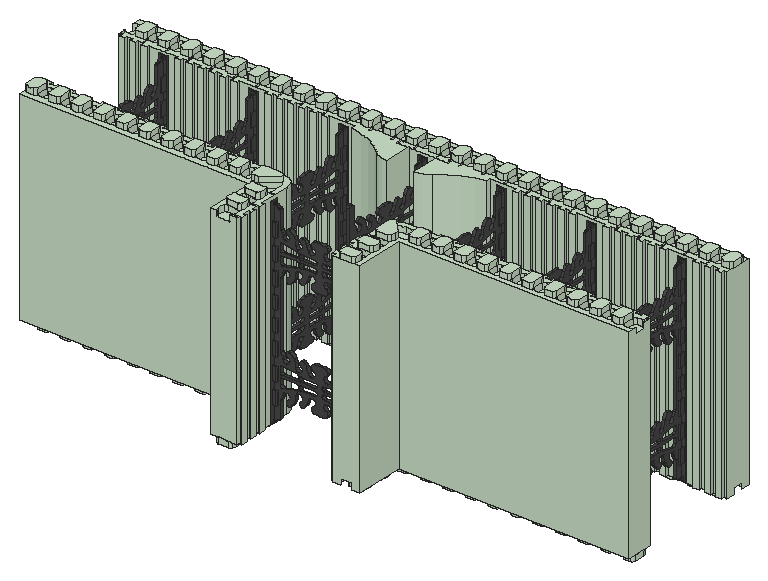
Revit family "ICF- NUDURA 8-inch- Short T Form Unit- Imperial", category Generic Models, Revit 2011 (continued)
Definition of nested family "NUDURA Diamond Pattern Missing Left Line"
  Lines and regions (in)
    model lines
      curve 8: arc (4.634, -5.625, 16.98484) -> (4.74384, -5.625, 17.25) -> (4.634, -5.625, 17.51517) r 0.375
      curve 9: line (4.29059, -5.625, 16.64142) -> (4.634, -5.625, 16.98484)
      curve 10: arc (4.17062, -5.625, 17.80178) -> (3.99384, -5.625, 17.875) -> (3.81706, -5.625, 17.80178) r 0.25
      curve 11: line (4.54562, -5.625, 17.42678) -> (4.17062, -5.625, 17.80178)
      curve 12: arc (4.54562, -5.625, 17.07322) -> (4.61884, -5.625, 17.25) -> (4.54562, -5.625, 17.42678) r 0.25
      curve 13: line (4.17062, -5.625, 16.69822) -> (4.54562, -5.625, 17.07322)
      curve 14: arc (3.81706, -5.625, 16.69822) -> (3.99384, -5.625, 16.625) -> (4.17062, -5.625, 16.69822) r 0.25
      curve 15: line (3.44206, -5.625, 17.07322) -> (3.81706, -5.625, 16.69822)
      curve 16: arc (3.44206, -5.625, 17.42678) -> (3.36884, -5.625, 17.25) -> (3.44206, -5.625, 17.07322) r 0.25
      curve 17: line (3.81706, -5.625, 17.80178) -> (3.44206, -5.625, 17.42678)
      curve 18: arc (3.69709, -5.625, 16.35858) -> (3.75567, -5.625, 16.5) -> (3.69709, -5.625, 16.64142) r 0.2
      curve 19: line (4.634, -5.625, 16.01517) -> (4.29059, -5.625, 16.35858)
      curve 20: arc (4.634, -5.625, 15.48484) -> (4.74384, -5.625, 15.75) -> (4.634, -5.625, 16.01517) r 0.375
      curve 21: line (4.29059, -5.625, 15.14142) -> (4.634, -5.625, 15.48484)
      curve 22: line (3.35367, -5.625, 15.48484) -> (3.69709, -5.625, 15.14142)
      curve 23: arc (3.35367, -5.625, 16.01517) -> (3.24384, -5.625, 15.75) -> (3.35367, -5.625, 15.48484) r 0.375
      curve 24: line (3.69709, -5.625, 16.35858) -> (3.35367, -5.625, 16.01517)
      curve 25: arc (4.17062, -5.625, 16.30178) -> (3.99384, -5.625, 16.375) -> (3.81706, -5.625, 16.30178) r 0.25
      curve 26: line (3.81706, -5.625, 16.30178) -> (3.44206, -5.625, 15.92678)
      curve 27: arc (3.44206, -5.625, 15.92678) -> (3.36884, -5.625, 15.75) -> (3.44206, -5.625, 15.57322) r 0.25
      curve 28: line (3.44206, -5.625, 15.57322) -> (3.81706, -5.625, 15.19822)
      curve 29: arc (3.81706, -5.625, 15.19822) -> (3.99384, -5.625, 15.125) -> (4.17062, -5.625, 15.19822) r 0.25
      curve 30: line (4.17062, -5.625, 15.19822) -> (4.54562, -5.625, 15.57322)
      curve 31: arc (4.54562, -5.625, 15.57322) -> (4.61884, -5.625, 15.75) -> (4.54562, -5.625, 15.92678) r 0.25
      curve 32: line (4.54562, -5.625, 15.92678) -> (4.17062, -5.625, 16.30178)
      curve 33: arc (3.69709, -5.625, 14.85858) -> (3.75567, -5.625, 15) -> (3.69709, -5.625, 15.14142) r 0.2
      curve 34: line (4.634, -5.625, 14.51517) -> (4.29059, -5.625, 14.85858)
      curve 35: arc (4.634, -5.625, 13.98484) -> (4.74384, -5.625, 14.25) -> (4.634, -5.625, 14.51517) r 0.375
      curve 36: line (4.29059, -5.625, 13.64142) -> (4.634, -5.625, 13.98484)
      curve 37: line (3.35367, -5.625, 13.98484) -> (3.69709, -5.625, 13.64142)
      curve 38: arc (3.35367, -5.625, 14.51517) -> (3.24384, -5.625, 14.25) -> (3.35367, -5.625, 13.98484) r 0.375
      curve 39: line (3.69709, -5.625, 14.85858) -> (3.35367, -5.625, 14.51517)
      curve 40: arc (4.17062, -5.625, 14.80178) -> (3.99384, -5.625, 14.875) -> (3.81706, -5.625, 14.80178) r 0.25
      curve 41: line (3.81706, -5.625, 14.80178) -> (3.44206, -5.625, 14.42678)
      curve 42: arc (3.44206, -5.625, 14.42678) -> (3.36884, -5.625, 14.25) -> (3.44206, -5.625, 14.07322) r 0.25
      curve 43: line (3.44206, -5.625, 14.07322) -> (3.81706, -5.625, 13.69822)
      curve 44: arc (3.81706, -5.625, 13.69822) -> (3.99384, -5.625, 13.625) -> (4.17062, -5.625, 13.69822) r 0.25
      curve 45: line (4.17062, -5.625, 13.69822) -> (4.54562, -5.625, 14.07322)
      curve 46: arc (4.54562, -5.625, 14.07322) -> (4.61884, -5.625, 14.25) -> (4.54562, -5.625, 14.42678) r 0.25
      curve 47: line (4.54562, -5.625, 14.42678) -> (4.17062, -5.625, 14.80178)
      curve 48: arc (3.69709, -5.625, 13.35858) -> (3.75567, -5.625, 13.5) -> (3.69709, -5.625, 13.64142) r 0.2
      curve 49: line (4.634, -5.625, 13.01517) -> (4.29059, -5.625, 13.35858)
      curve 50: arc (4.634, -5.625, 12.48484) -> (4.74384, -5.625, 12.75) -> (4.634, -5.625, 13.01517) r 0.375
      curve 51: line (4.29059, -5.625, 12.14142) -> (4.634, -5.625, 12.48484)
      curve 52: line (3.35367, -5.625, 12.48484) -> (3.69709, -5.625, 12.14142)
      curve 53: arc (3.35367, -5.625, 13.01517) -> (3.24384, -5.625, 12.75) -> (3.35367, -5.625, 12.48484) r 0.375
      curve 54: line (3.69709, -5.625, 13.35858) -> (3.35367, -5.625, 13.01517)
      curve 55: arc (4.17062, -5.625, 13.30178) -> (3.99384, -5.625, 13.375) -> (3.81706, -5.625, 13.30178) r 0.25
      curve 56: line (3.81706, -5.625, 13.30178) -> (3.44206, -5.625, 12.92678)
      curve 57: arc (3.44206, -5.625, 12.92678) -> (3.36884, -5.625, 12.75) -> (3.44206, -5.625, 12.57322) r 0.25
      curve 58: line (3.44206, -5.625, 12.57322) -> (3.81706, -5.625, 12.19822)
      curve 59: arc (3.81706, -5.625, 12.19822) -> (3.99384, -5.625, 12.125) -> (4.17062, -5.625, 12.19822) r 0.25
      curve 60: line (4.17062, -5.625, 12.19822) -> (4.54562, -5.625, 12.57322)
      curve 61: arc (4.54562, -5.625, 12.57322) -> (4.61884, -5.625, 12.75) -> (4.54562, -5.625, 12.92678) r 0.25
      curve 62: line (4.54562, -5.625, 12.92678) -> (4.17062, -5.625, 13.30178)
      curve 63: arc (3.69709, -5.625, 11.85858) -> (3.75567, -5.625, 12) -> (3.69709, -5.625, 12.14142) r 0.2
      curve 64: line (4.634, -5.625, 11.51517) -> (4.29059, -5.625, 11.85858)
      curve 65: arc (4.634, -5.625, 10.98484) -> (4.74384, -5.625, 11.25) -> (4.634, -5.625, 11.51517) r 0.375
      curve 66: line (4.29059, -5.625, 10.64142) -> (4.634, -5.625, 10.98484)
      curve 67: line (3.35367, -5.625, 10.98484) -> (3.69709, -5.625, 10.64142)
      curve 68: arc (3.35367, -5.625, 11.51517) -> (3.24384, -5.625, 11.25) -> (3.35367, -5.625, 10.98484) r 0.375
      curve 69: line (3.69709, -5.625, 11.85858) -> (3.35367, -5.625, 11.51517)
      curve 70: arc (4.17062, -5.625, 11.80178) -> (3.99384, -5.625, 11.875) -> (3.81706, -5.625, 11.80178) r 0.25
      curve 71: line (3.81706, -5.625, 11.80178) -> (3.44206, -5.625, 11.42678)
      curve 72: arc (3.44206, -5.625, 11.42678) -> (3.36884, -5.625, 11.25) -> (3.44206, -5.625, 11.07322) r 0.25
      curve 73: line (3.44206, -5.625, 11.07322) -> (3.81706, -5.625, 10.69822)
      curve 74: arc (3.81706, -5.625, 10.69822) -> (3.99384, -5.625, 10.625) -> (4.17062, -5.625, 10.69822) r 0.25
      curve 75: line (4.17062, -5.625, 10.69822) -> (4.54562, -5.625, 11.07322)
      curve 76: arc (4.54562, -5.625, 11.07322) -> (4.61884, -5.625, 11.25) -> (4.54562, -5.625, 11.42678) r 0.25
      curve 77: line (4.54562, -5.625, 11.42678) -> (4.17062, -5.625, 11.80178)
      curve 78: arc (3.69709, -5.625, 10.35858) -> (3.75567, -5.625, 10.5) -> (3.69709, -5.625, 10.64142) r 0.2
      curve 79: line (4.634, -5.625, 10.01517) -> (4.29059, -5.625, 10.35858)
      curve 80: arc (4.634, -5.625, 9.48484) -> (4.74384, -5.625, 9.75) -> (4.634, -5.625, 10.01517) r 0.375
      curve 81: line (4.29059, -5.625, 9.14142) -> (4.634, -5.625, 9.48484)
      curve 82: line (3.35367, -5.625, 9.48484) -> (3.69709, -5.625, 9.14142)
      curve 83: arc (3.35367, -5.625, 10.01517) -> (3.24384, -5.625, 9.75) -> (3.35367, -5.625, 9.48484) r 0.375
      curve 84: line (3.69709, -5.625, 10.35858) -> (3.35367, -5.625, 10.01517)
      curve 85: arc (4.17062, -5.625, 10.30178) -> (3.99384, -5.625, 10.375) -> (3.81706, -5.625, 10.30178) r 0.25
      curve 86: line (3.81706, -5.625, 10.30178) -> (3.44206, -5.625, 9.92678)
      curve 87: arc (3.44206, -5.625, 9.92678) -> (3.36884, -5.625, 9.75) -> (3.44206, -5.625, 9.57322) r 0.25
      curve 88: line (3.44206, -5.625, 9.57322) -> (3.81706, -5.625, 9.19822)
      curve 89: arc (3.81706, -5.625, 9.19822) -> (3.99384, -5.625, 9.125) -> (4.17062, -5.625, 9.19822) r 0.25
      curve 90: line (4.17062, -5.625, 9.19822) -> (4.54562, -5.625, 9.57322)
      curve 91: arc (4.54562, -5.625, 9.57322) -> (4.61884, -5.625, 9.75) -> (4.54562, -5.625, 9.92678) r 0.25
      curve 92: line (4.54562, -5.625, 9.92678) -> (4.17062, -5.625, 10.30178)
      curve 93: arc (3.69709, -5.625, 8.85858) -> (3.75567, -5.625, 9) -> (3.69709, -5.625, 9.14142) r 0.2
      curve 94: line (4.634, -5.625, 8.51517) -> (4.29059, -5.625, 8.85858)
      curve 95: arc (4.634, -5.625, 7.98484) -> (4.74384, -5.625, 8.25) -> (4.634, -5.625, 8.51517) r 0.375
      curve 96: line (4.29059, -5.625, 7.64142) -> (4.634, -5.625, 7.98484)
      curve 97: line (3.35367, -5.625, 7.98484) -> (3.69709, -5.625, 7.64142)
      curve 98: arc (3.35367, -5.625, 8.51517) -> (3.24384, -5.625, 8.25) -> (3.35367, -5.625, 7.98484) r 0.375
      curve 99: line (3.69709, -5.625, 8.85858) -> (3.35367, -5.625, 8.51517)
      curve 100: arc (4.17062, -5.625, 8.80178) -> (3.99384, -5.625, 8.875) -> (3.81706, -5.625, 8.80178) r 0.25
      curve 101: line (3.81706, -5.625, 8.80178) -> (3.44206, -5.625, 8.42678)
      curve 102: arc (3.44206, -5.625, 8.42678) -> (3.36884, -5.625, 8.25) -> (3.44206, -5.625, 8.07322) r 0.25
      curve 103: line (3.44206, -5.625, 8.07322) -> (3.81706, -5.625, 7.69822)
      curve 104: arc (3.81706, -5.625, 7.69822) -> (3.99384, -5.625, 7.625) -> (4.17062, -5.625, 7.69822) r 0.25
      curve 105: line (4.17062, -5.625, 7.69822) -> (4.54562, -5.625, 8.07322)
      curve 106: arc (4.54562, -5.625, 8.07322) -> (4.61884, -5.625, 8.25) -> (4.54562, -5.625, 8.42678) r 0.25
      curve 107: line (4.54562, -5.625, 8.42678) -> (4.17062, -5.625, 8.80178)
      curve 108: arc (3.69709, -5.625, 7.35858) -> (3.75567, -5.625, 7.5) -> (3.69709, -5.625, 7.64142) r 0.2
      curve 109: line (4.634, -5.625, 7.01517) -> (4.29059, -5.625, 7.35858)
      curve 110: arc (4.634, -5.625, 6.48484) -> (4.74384, -5.625, 6.75) -> (4.634, -5.625, 7.01517) r 0.375
      curve 111: line (4.29059, -5.625, 6.14142) -> (4.634, -5.625, 6.48484)
      curve 112: line (3.35367, -5.625, 6.48484) -> (3.69709, -5.625, 6.14142)
      curve 113: arc (3.35367, -5.625, 7.01517) -> (3.24384, -5.625, 6.75) -> (3.35367, -5.625, 6.48484) r 0.375
      curve 114: line (3.69709, -5.625, 7.35858) -> (3.35367, -5.625, 7.01517)
      curve 115: arc (4.17062, -5.625, 7.30178) -> (3.99384, -5.625, 7.375) -> (3.81706, -5.625, 7.30178) r 0.25
      curve 116: line (3.81706, -5.625, 7.30178) -> (3.44206, -5.625, 6.92678)
      curve 117: arc (3.44206, -5.625, 6.92678) -> (3.36884, -5.625, 6.75) -> (3.44206, -5.625, 6.57322) r 0.25
      curve 118: line (3.44206, -5.625, 6.57322) -> (3.81706, -5.625, 6.19822)
      curve 119: arc (3.81706, -5.625, 6.19822) -> (3.99384, -5.625, 6.125) -> (4.17062, -5.625, 6.19822) r 0.25
      curve 120: line (4.17062, -5.625, 6.19822) -> (4.54562, -5.625, 6.57322)
      curve 121: arc (4.54562, -5.625, 6.57322) -> (4.61884, -5.625, 6.75) -> (4.54562, -5.625, 6.92678) r 0.25
      curve 122: line (4.54562, -5.625, 6.92678) -> (4.17062, -5.625, 7.30178)
      curve 123: arc (3.69709, -5.625, 5.85858) -> (3.75567, -5.625, 6) -> (3.69709, -5.625, 6.14142) r 0.2
      curve 124: line (4.634, -5.625, 5.51517) -> (4.29059, -5.625, 5.85858)
      curve 125: arc (4.634, -5.625, 4.98484) -> (4.74384, -5.625, 5.25) -> (4.634, -5.625, 5.51517) r 0.375
      curve 126: line (4.29059, -5.625, 4.64142) -> (4.634, -5.625, 4.98484)
      curve 127: line (3.35367, -5.625, 4.98484) -> (3.69709, -5.625, 4.64142)
      curve 128: arc (3.35367, -5.625, 5.51517) -> (3.24384, -5.625, 5.25) -> (3.35367, -5.625, 4.98484) r 0.375
      curve 129: line (3.69709, -5.625, 5.85858) -> (3.35367, -5.625, 5.51517)
      curve 130: arc (4.17062, -5.625, 5.80178) -> (3.99384, -5.625, 5.875) -> (3.81706, -5.625, 5.80178) r 0.25
      curve 131: line (3.81706, -5.625, 5.80178) -> (3.44206, -5.625, 5.42678)
      curve 132: arc (3.44206, -5.625, 5.42678) -> (3.36884, -5.625, 5.25) -> (3.44206, -5.625, 5.07322) r 0.25
      curve 133: line (3.44206, -5.625, 5.07322) -> (3.81706, -5.625, 4.69822)
      curve 134: arc (3.81706, -5.625, 4.69822) -> (3.99384, -5.625, 4.625) -> (4.17062, -5.625, 4.69822) r 0.25
      curve 135: line (4.17062, -5.625, 4.69822) -> (4.54562, -5.625, 5.07322)
      curve 136: arc (4.54562, -5.625, 5.07322) -> (4.61884, -5.625, 5.25) -> (4.54562, -5.625, 5.42678) r 0.25
      curve 137: line (4.54562, -5.625, 5.42678) -> (4.17062, -5.625, 5.80178)
      curve 138: arc (3.69709, -5.625, 4.35858) -> (3.75567, -5.625, 4.5) -> (3.69709, -5.625, 4.64142) r 0.2
      curve 139: line (4.634, -5.625, 4.01517) -> (4.29059, -5.625, 4.35858)
      curve 140: arc (4.634, -5.625, 3.48484) -> (4.74384, -5.625, 3.75) -> (4.634, -5.625, 4.01517) r 0.375
      curve 141: line (4.29059, -5.625, 3.14142) -> (4.634, -5.625, 3.48484)
      curve 142: line (3.35367, -5.625, 3.48484) -> (3.69709, -5.625, 3.14142)
      curve 143: arc (3.35367, -5.625, 4.01517) -> (3.24384, -5.625, 3.75) -> (3.35367, -5.625, 3.48484) r 0.375
      curve 144: line (3.69709, -5.625, 4.35858) -> (3.35367, -5.625, 4.01517)
      curve 145: arc (4.17062, -5.625, 4.30178) -> (3.99384, -5.625, 4.375) -> (3.81706, -5.625, 4.30178) r 0.25
      curve 146: line (3.81706, -5.625, 4.30178) -> (3.44206, -5.625, 3.92678)
      curve 147: arc (3.44206, -5.625, 3.92678) -> (3.36884, -5.625, 3.75) -> (3.44206, -5.625, 3.57322) r 0.25
      curve 148: line (3.44206, -5.625, 3.57322) -> (3.81706, -5.625, 3.19822)
      curve 149: arc (3.81706, -5.625, 3.19822) -> (3.99384, -5.625, 3.125) -> (4.17062, -5.625, 3.19822) r 0.25
      curve 150: line (4.17062, -5.625, 3.19822) -> (4.54562, -5.625, 3.57322)
      curve 151: arc (4.54562, -5.625, 3.57322) -> (4.61884, -5.625, 3.75) -> (4.54562, -5.625, 3.92678) r 0.25
      curve 152: line (4.54562, -5.625, 3.92678) -> (4.17062, -5.625, 4.30178)
      curve 153: arc (3.69709, -5.625, 2.85858) -> (3.75567, -5.625, 3) -> (3.69709, -5.625, 3.14142) r 0.2
      curve 154: line (4.634, -5.625, 2.51517) -> (4.29059, -5.625, 2.85858)
      curve 155: arc (4.634, -5.625, 1.98484) -> (4.74384, -5.625, 2.25) -> (4.634, -5.625, 2.51517) r 0.375
      curve 156: line (4.29059, -5.625, 1.64142) -> (4.634, -5.625, 1.98484)
      curve 157: line (3.35367, -5.625, 1.98484) -> (3.69709, -5.625, 1.64142)
      curve 158: arc (3.35367, -5.625, 2.51517) -> (3.24384, -5.625, 2.25) -> (3.35367, -5.625, 1.98484) r 0.375
      curve 159: line (3.69709, -5.625, 2.85858) -> (3.35367, -5.625, 2.51517)
      curve 160: arc (4.17062, -5.625, 2.80178) -> (3.99384, -5.625, 2.875) -> (3.81706, -5.625, 2.80178) r 0.25
      curve 161: line (3.81706, -5.625, 2.80178) -> (3.44206, -5.625, 2.42678)
      curve 162: arc (3.44206, -5.625, 2.42678) -> (3.36884, -5.625, 2.25) -> (3.44206, -5.625, 2.07322) r 0.25
      curve 163: line (3.44206, -5.625, 2.07322) -> (3.81706, -5.625, 1.69822)
      curve 164: arc (3.81706, -5.625, 1.69822) -> (3.99384, -5.625, 1.625) -> (4.17062, -5.625, 1.69822) r 0.25
      curve 165: line (4.17062, -5.625, 1.69822) -> (4.54562, -5.625, 2.07322)
      curve 166: arc (4.54562, -5.625, 2.07322) -> (4.61884, -5.625, 2.25) -> (4.54562, -5.625, 2.42678) r 0.25
      curve 167: line (4.54562, -5.625, 2.42678) -> (4.17062, -5.625, 2.80178)
      curve 168: arc (3.69709, -5.625, 1.35858) -> (3.75567, -5.625, 1.5) -> (3.69709, -5.625, 1.64142) r 0.2
      curve 169: line (3.69709, -5.625, 1.35858) -> (3.35367, -5.625, 1.01517)
      curve 170: arc (3.35367, -5.625, 1.01517) -> (3.24384, -5.625, 0.75) -> (3.35367, -5.625, 0.48484) r 0.375
      curve 171: line (3.35367, -5.625, 0.48484) -> (3.72867, -5.625, 0.10984)
      curve 172: arc (3.72867, -5.625, 0.10984) -> (3.99384, -5.625, 0) -> (4.259, -5.625, 0.10984) r 0.375
      curve 173: line (4.259, -5.625, 0.10984) -> (4.634, -5.625, 0.48484)
      curve 174: arc (4.634, -5.625, 0.48484) -> (4.74384, -5.625, 0.75) -> (4.634, -5.625, 1.01517) r 0.375
      curve 175: line (4.634, -5.625, 1.01517) -> (4.29059, -5.625, 1.35858)
      curve 176: arc (4.29059, -5.625, 1.64142) -> (4.23201, -5.625, 1.5) -> (4.29059, -5.625, 1.35858) r 0.2
      curve 177: arc (4.17062, -5.625, 1.30178) -> (3.99384, -5.625, 1.375) -> (3.81706, -5.625, 1.30178) r 0.25
      curve 178: line (4.54562, -5.625, 0.92678) -> (4.17062, -5.625, 1.30178)
      curve 179: arc (4.54562, -5.625, 0.57322) -> (4.61884, -5.625, 0.75) -> (4.54562, -5.625, 0.92678) r 0.25
      curve 180: line (4.17062, -5.625, 0.19822) -> (4.54562, -5.625, 0.57322)
      curve 181: arc (3.81706, -5.625, 0.19822) -> (3.99384, -5.625, 0.125) -> (4.17062, -5.625, 0.19822) r 0.25
      curve 182: line (3.44206, -5.625, 0.57322) -> (3.81706, -5.625, 0.19822)
      curve 183: arc (3.44206, -5.625, 0.92678) -> (3.36884, -5.625, 0.75) -> (3.44206, -5.625, 0.57322) r 0.25
      curve 184: line (3.81706, -5.625, 1.30178) -> (3.44206, -5.625, 0.92678)
      curve 185: arc (4.29059, -5.625, 3.14142) -> (4.23201, -5.625, 3) -> (4.29059, -5.625, 2.85858) r 0.2
      curve 186: arc (4.29059, -5.625, 4.64142) -> (4.23201, -5.625, 4.5) -> (4.29059, -5.625, 4.35858) r 0.2
      curve 187: arc (4.29059, -5.625, 6.14142) -> (4.23201, -5.625, 6) -> (4.29059, -5.625, 5.85858) r 0.2
      curve 188: arc (4.29059, -5.625, 7.64142) -> (4.23201, -5.625, 7.5) -> (4.29059, -5.625, 7.35858) r 0.2
      curve 189: arc (4.29059, -5.625, 9.14142) -> (4.23201, -5.625, 9) -> (4.29059, -5.625, 8.85858) r 0.2
      curve 190: arc (4.29059, -5.625, 10.64142) -> (4.23201, -5.625, 10.5) -> (4.29059, -5.625, 10.35858) r 0.2
      curve 191: arc (4.29059, -5.625, 12.14142) -> (4.23201, -5.625, 12) -> (4.29059, -5.625, 11.85858) r 0.2
      curve 192: arc (4.29059, -5.625, 13.64142) -> (4.23201, -5.625, 13.5) -> (4.29059, -5.625, 13.35858) r 0.2
      curve 193: arc (4.29059, -5.625, 15.14142) -> (4.23201, -5.625, 15) -> (4.29059, -5.625, 14.85858) r 0.2
      curve 194: arc (4.29059, -5.625, 16.64142) -> (4.23201, -5.625, 16.5) -> (4.29059, -5.625, 16.35858) r 0.2
